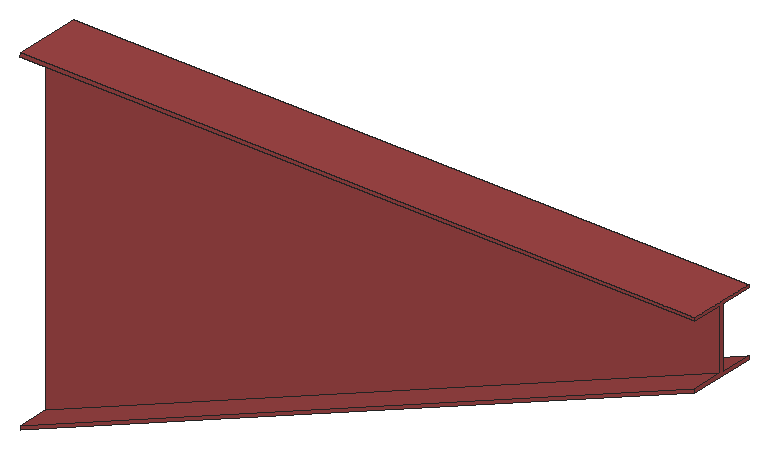
Revit family "Viga_Aco_Lam_UB_Bal", category Structural Framing, Revit 2025
Family settings
  Section Shape = I-shape Parallel Flange
  Material for Model Behavior = Steel
  Always export as geometry = No
  OmniClass Number = 23.25.30.11.14.14
  OmniClass Title = Beams
  Always vertical = Yes
  Cut with Voids When Loaded = No
  Symbolic Representation = From Family
  Shared = Yes
  Show family pre-cut in plan views = Yes
Parameters (values of type "VIG_MEN_100X020")
  t = 0.015 m
  s = 0.006 m
  h = 0.600 m
  b = 0.250 m
  Structural Material [instance] = CT_Estrutura_Metalica
  Mensula_L = 0.200 m
  Mensula_H_Menor = 0.200 m
  Mensula_H_Maior = 1.000 m
  Length [instance] = 3.000 m
Reference planes (m)
  plane 1 "Center (Front/Back)": y = 0
  plane 2 "Center Elevation": z = 0
  plane 3 "Center (Left/Right)": x = 0
  plane 4 "Left": x = -1.5
  plane 5 "Member Left": x = -1.25
  plane 6 "Stick Symbol Left": x = -1
  plane 7 "Right": x = 1.5
  plane 8 "Member Right": x = 1.25
  plane 9 "Stick Symbol Right": x = 1
  plane 10: y = -0.1
  plane 11: y = 0.1
  plane 12: z = 0.15
  plane 13: z = -0.85
  plane 14: z = 0.15
  plane 15: z = -0.05
Forms (m)
  SweptBlend 1, solid, material "CT_Estrutura_Metalica" <- "Structural Material"
    path in 3D
      loop
        line (-1, 0, 0) -> (1, 0, 0)
    profile origin (-1, 0, 0) x (0, 1, 0) y (0, 0, 1)
      loop
        line (-0.1, 0.15) -> (-0.1, 0.14) -> (-0.005, 0.14) -> (-0.005, -0.84) -> (-0.1, -0.84) -> (-0.1, -0.85) -> (0.1, -0.85) -> (0.1, -0.84) -> (0.005, -0.84) -> (0.005, 0.14) -> (0.1, 0.14) -> (0.1, 0.15) -> (-0.1, 0.15)
    end profile origin (1, 0, 0) x (0, 1, 0) y (0, 0, 1)
      loop
        line (-0.1, 0.15) -> (-0.1, 0.14) -> (-0.005, 0.14) -> (-0.005, -0.04) -> (-0.1, -0.04) -> (-0.1, -0.05) -> (0.1, -0.05) -> (0.1, -0.04) -> (0.005, -0.04) -> (0.005, 0.14) -> (0.1, 0.14) -> (0.1, 0.15) -> (-0.1, 0.15)
Lines and regions (m)
  model lines, style "Stick Symbols", detail levels coarse
    curve 1: line (-1, 0, 0) -> (1, 0, 0)
  sketch lines
    curve 2: line (-1, 0, 0) -> (1, 0, 0)
Dimensions and locks (m)
  equal spacing: plane 4 "Left", plane 3 "Center (Left/Right)", plane 7 "Right"
  "Length": plane 4 "Left" to plane 7 "Right"
  "Mensula_H_Maior": plane 12 to plane 13
  "Mensula_L": plane 11 to plane 10
  "Mensula_H_Menor": plane 14 to plane 15
  equal spacing: plane 11, plane 1 "Center (Front/Back)", plane 10  (x2)
  locked: SweptBlend 1 sketch curve to SweptBlend 1 sketch curve at 0.01  (x6)
  equal spacing: SweptBlend 1 sketch curve, plane 1 "Center (Front/Back)", SweptBlend 1 sketch curve
  aligned and locked: plane 1 "Center (Front/Back)" to curve 1
  aligned and locked: plane 6 "Stick Symbol Left" to curve 1
  aligned and locked: plane 9 "Stick Symbol Right" to curve 1
  aligned and locked: level to plane 2 "Center Elevation"
  aligned and locked: SweptBlend 1 sketch curve to plane 13
  aligned and locked: plane 12 to SweptBlend 1 sketch curve
  aligned and locked: plane 14 to SweptBlend 1 sketch curve
  aligned and locked: SweptBlend 1 sketch curve to plane 15
Automatic sketch dimensions
  SweptBlend 1 sketch curve to plane 10 = 0.000 m  (x2)
  SweptBlend 1 sketch curve to plane 11 = 0.000 m  (x2)
  SweptBlend 1 sketch curve to SweptBlend 1 sketch curve = 0.000 m
  SweptBlend 1 sketch curve to plane 12 = 0.010 m
  profile plane to SweptBlend 1 sketch curve = 0.100 m  (x2)
  profile plane to SweptBlend 1 sketch curve = 0.005 m
  SweptBlend 1 sketch curve to SweptBlend 1 sketch curve = 0.095 m  (x2)
  SweptBlend 1 sketch curve to plane 14 = 0.010 m
  plane 15 to SweptBlend 1 sketch curve = 0.010 m
